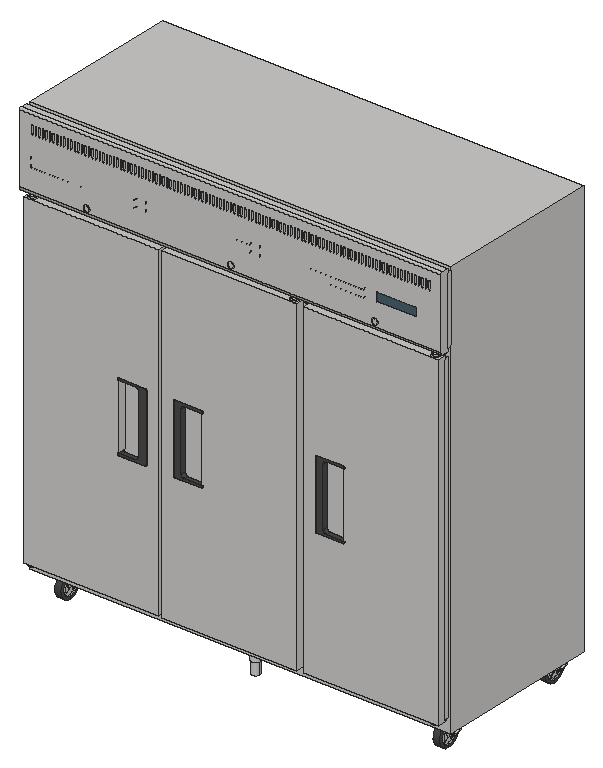
Revit family "QF_EVEREST_ES_3_cat", category Specialty Equipment, Revit 2015 (continued)
Automatic sketch dimensions
  Extrusion 4 to Extrusion 22 sketch curve = 1237.273 mm
  Extrusion 23 sketch curve to Extrusion 23 sketch curve = 0 mm  (x2)
  Extrusion 4 to Extrusion 23 sketch curve = 15 mm
  Extrusion 23 sketch curve to Extrusion 4 = 16 mm
  Extrusion 23 sketch curve to Extrusion 4 = 10.87 mm
  Extrusion 4 to Extrusion 23 sketch curve = 1216.278 mm
  Extrusion 23 sketch curve to Extrusion 23 sketch curve = 5.995 mm
  Extrusion 23 sketch curve to Extrusion 23 sketch curve = 15 mm
  Extrusion 23 sketch curve to Extrusion 23 sketch curve = 6.9 mm
  Extrusion 24 sketch curve to plane 5 "FRONT" = 19 mm
  plane 4 "RIGHT" to Extrusion 24 sketch curve = 40.995 mm
  Extrusion 25 sketch curve to Extrusion 25 sketch curve = 0 mm  (x2)
  Extrusion 25 sketch curve to plane 11 = 0 mm
  plane 4 "RIGHT" to Extrusion 25 sketch curve = 61.99 mm
  Extrusion 25 sketch curve to plane 5 "FRONT" = 19 mm
  Extrusion 25 sketch curve to Extrusion 25 sketch curve = 5.995 mm
  Extrusion 25 sketch curve to Extrusion 25 sketch curve = 15 mm
  Extrusion 25 sketch curve to plane 5 "FRONT" = 13.87 mm
  plane 4 "RIGHT" to Extrusion 25 sketch curve = 20 mm
  Extrusion 26 sketch curve to plane 9 = 0 mm  (x3)
  plane 3 "LEFT" to Extrusion 26 sketch curve = 12.992 mm
  Extrusion 26 sketch curve to Extrusion 26 sketch curve = 9.124 mm
  Extrusion 26 sketch curve to plane 5 "FRONT" = 3 mm  (x3)
  Extrusion 26 sketch curve to plane 7 "Center Y" = 328.277 mm
  Extrusion 26 sketch curve to Extrusion 26 sketch curve = 16.57 mm
  Extrusion 26 sketch curve to plane 5 "FRONT" = 16.694 mm  (x2)
  Extrusion 26 sketch curve to Extrusion 26 sketch curve = 599.607 mm  (x2)
  Extrusion 26 sketch curve to Extrusion 26 sketch curve = 31.268 mm
  Extrusion 27 sketch curve to Extrusion 7 = 0 mm  (x2)
  Extrusion 7 to Extrusion 27 sketch curve = 0.795 mm
  Extrusion 28 sketch curve to plane 7 "Center Y" = 0 mm
  Extrusion 28 sketch curve to plane 6 "TOP" = 302.996 mm  (x3)
  plane 3 "LEFT" to Extrusion 28 sketch curve = 300 mm
  plane 4 "RIGHT" to Extrusion 28 sketch curve = 300 mm
  Extrusion 15 sketch curve to Extrusion 2 = 19.134 mm  (x3)
  Extrusion 15 sketch curve to Extrusion 15 sketch curve = 13.25 mm  (x3)
  Extrusion 2 to Extrusion 15 sketch curve = 300 mm  (x2)
  Extrusion 15 sketch curve to Extrusion 15 sketch curve = 0 mm
  Extrusion 15 sketch curve to Extrusion 15 sketch curve = 650 mm
  Revolve 29 sketch curve to plane 10 = 0 mm  (x2)
  Revolve 29 sketch curve to level = 0 mm
  Revolve 29 sketch curve to plane 7 "Center Y" = 31.202 mm
  Revolve 29 sketch curve to Revolve 29 sketch curve = 5 mm
  Revolve 29 sketch curve to plane 7 "Center Y" = 17.202 mm
  Revolve 29 sketch curve to plane 7 "Center Y" = 13.452 mm
  plane 7 "Center Y" to Revolve 29 sketch curve = 3.798 mm
  level to Revolve 29 sketch curve = 55.5 mm
  Revolve 29 sketch curve to plane 10 = 34.5 mm
  Revolve 29 sketch curve to Revolve 29 sketch curve = 14 mm
  Revolve 29 sketch curve to plane 10 = 10 mm
  Revolve 29 sketch curve to Revolve 29 sketch curve = 0 mm
  Revolve 29 sketch curve to Revolve 29 sketch curve = 20 mm
  radius of Extrusion 8 sketch curve = 10 mm
  radius of Extrusion 9 sketch curve = 10 mm
  radius of Extrusion 10 sketch curve = 10 mm
  radius of Extrusion 11 sketch curve = 10 mm
  radius of Extrusion 14 sketch curve = 6.35 mm
  radius of Extrusion 18 sketch curve = 10 mm
  radius of Extrusion 19 sketch curve = 10 mm
  radius of Extrusion 20 sketch curve = 10 mm
  radius of Extrusion 21 sketch curve = 10 mm
  radius of Extrusion 22 sketch curve = 10 mm
  radius of Extrusion 23 sketch curve = 10 mm
  radius of Extrusion 24 sketch curve = 10 mm
  radius of Extrusion 25 sketch curve = 10 mm
  radius of Extrusion 27 sketch curve to Extrusion 7 = 0 mm  (x3)
  radius of Extrusion 28 sketch curve = 13.25 mm  (x3)
Nested families
  nested 1: "5 INCHES 01_CASTER" at (96.503, -682.5, 0), type "5 INCHES 01_CASTER"
    with Type Mark "", Specification by User "", Show 5" Casters yes, Revision Code "", Key Locks yes, Item Number "", Installed By "", Identify Quantity as Lot yes, Furnished By "", Foodservice Equipment Identifier yes
  nested 2: "5 INCHES 01_CASTER" at (1803.497, -682.5, 0), type "5 INCHES 01_CASTER"
    with Type Mark "", Specification by User "", Show 5" Casters yes, Revision Code "", Key Locks yes, Item Number "", Installed By "", Identify Quantity as Lot yes, Furnished By "", Foodservice Equipment Identifier yes
  nested 3: "5 INCHES 01_CASTER" at (96.503, -86.049, 0), type "5 INCHES 01_CASTER"
    with Type Mark "", Specification by User "", Show 5" Casters yes, Revision Code "", Key Locks yes, Item Number "", Installed By "", Identify Quantity as Lot yes, Furnished By "", Foodservice Equipment Identifier yes
  nested 4: "5 INCHES 01_CASTER" at (1803.497, -86.049, 0), type "5 INCHES 01_CASTER"
    with Type Mark "", Specification by User "", Show 5" Casters yes, Revision Code "", Key Locks yes, Item Number "", Installed By "", Identify Quantity as Lot yes, Furnished By "", Foodservice Equipment Identifier yes
Connectors
  electrical at (1270, 10, 1740.052), driven by "Volts", driven by "Watts"
    settings: on Extrusion 14, index 2, voltage 115 V, apparent load 1278.8 VA, apparent load phase1 0 VA, apparent load phase2 0 VA, apparent load phase3 0 VA, power factor 1, load classification "Other", number of poles 1, system type 30, power factor state 1, is connector primary yes, connector utility no, sub classification motor no, connector description "ELECTRICAL CONNECTION"
Definition of nested family "5 INCHES 01_CASTER"
  Parameters (values of type "5 INCHES 01_CASTER")
    Weight = ""
    URL Manufacturer = ""
    URL Cutsheet = ""
    URL = ""
    Type Mark [instance] = ""
    Specification by User [instance] = ""
    Specification by Manufacturer = ""
    Show 5" Casters [instance] = yes
    Serial Number = ""
    Seismic Rating = ""
    SMACNA No = ""
    Revision Code [instance] = ""
    Omniclass Number and Title = ""
    NAFEM Spec ID Number = ""
    Model = ""
    MasterSpec. = ""
    Manufacturer = ""
    Key Locks [instance] = yes
    Item Number [instance] = ""
    Installed By [instance] = ""
    Identify Quantity as Lot [instance] = yes
    Furnished By [instance] = ""
    Foodservice Equipment Identifier [instance] = yes
    Description = ""
    CSI MasterFormat = ""
    CSI Master Format = ""
    Assembly Code = ""
  Reference planes
    plane 1: z = 0
    plane 2 "RIGHT": x = 0
    plane 3 "FRONT": y = 0
    plane 4 "TOP": z = 125
  Forms (mm)
    Revolve 1, solid, visible <- "Show 5" Casters"
      sketch origin (-49.224, 25.364, -25.504) x (1, 0, 0) y (0, 0, 1)
        loop
          line (18.81, 76.304) -> (18.81, 74.386) -> (20.08, 73.116) -> (21.604, 73.116) -> (21.604, 70.067) -> (31.369, 70.067) -> (31.369, 65.181) -> (34.939, 63.12) -> (37.88, 44.951) -> (34.131, 44.951) -> (34.131, 38.998) -> (34.925, 38.998) -> (34.925, 25.504) -> (63.103, 25.504) -> (63.103, 38.998) -> (63.897, 38.998) -> (63.897, 44.951) -> (60.148, 44.951) -> (63.103, 63.209) -> (66.659, 65.262) -> (66.659, 70.067) -> (77.218, 70.067) -> (77.218, 73.116) -> (78.742, 73.116) -> (80.012, 74.386) -> (80.012, 76.304) -> (18.81, 76.304)
        axis (18.81, 76.304) -> (80.012, 76.304)
      angle from 0 to 360
    Extrusion 2, solid, visible <- "Show 5" Casters"
      sketch origin (-49.224, 49.87, -19.154) x (0, 1, 0) y (0, 0, 1)
        loop
          line (-85.786, 135.49) -> (-85.786, 125.149) -> (-63.321, 125.149)
          arc (-63.321, 125.149) -> (-37.391, 124.905) -> (-11.779, 120.85) r 175.807
          arc (-11.779, 120.85) -> (3.607, 115.163) -> (17.14, 105.894) r 66.729
          line (17.14, 105.894) -> (20.005, 109.985)
          arc (20.005, 109.985) -> (12.217, 116.012) -> (3.375, 120.348) r 48.686
          line (3.375, 120.348) -> (5.384, 123.823)
          arc (5.384, 123.823) -> (-4.003, 127.534) -> (-13.953, 129.229) r 48.686
          line (-13.953, 129.229) -> (-13.953, 135.49) -> (-85.786, 135.49)
      from 29.809 to 68.639
    Revolve 3, solid, visible <- "Show 5" Casters"
      sketch origin (0, 54.748, -31.75) x (0, 1, 0) y (0, 0, 1)
        loop
          line (-56.335, 156.75) -> (-56.335, 148.085) -> (-26.871, 148.085) -> (-26.871, 156.75) -> (-56.335, 156.75)
        axis (-56.335, 148.085) -> (-56.335, 156.75)
      angle from 0 to 360
    Extrusion 4, solid, visible <- "Show 5" Casters"
      sketch origin (-50.414, 49.87, -19.154) x (0, 1, 0) y (0, 0, 1)
        loop
          line (-85.786, 135.49) -> (-85.786, 125.149) -> (-79.594, 125.149)
          arc (-79.594, 125.149) -> (-54.006, 99.703) -> (-39.582, 66.626) r 96.297
          arc (-39.582, 66.626) -> (-20.695, 54.419) -> (-8.07, 73.029) r 16.082
          arc (-8.07, 73.029) -> (-0.57, 93.403) -> (17.434, 105.537) r 35.307
          line (17.434, 105.537) -> (20.005, 109.985)
          arc (20.005, 109.985) -> (12.217, 116.012) -> (3.375, 120.348) r 48.686
          line (3.375, 120.348) -> (5.384, 123.823)
          arc (5.384, 123.823) -> (-4.003, 127.534) -> (-13.953, 129.229) r 48.686
          line (-13.953, 129.229) -> (-13.953, 135.49) -> (-85.786, 135.49)
      from 69.829 to 73.87
    Extrusion 5, solid, visible <- "Show 5" Casters"
      sketch origin (50.414, 49.87, -19.154) x (0, 1, 0) y (0, 0, -1)
        loop
          line (-85.786, -135.49) -> (-13.953, -135.49) -> (-13.953, -129.229)
          arc (-13.953, -129.229) -> (-4.003, -127.534) -> (5.384, -123.823) r 48.686
          line (5.384, -123.823) -> (3.375, -120.348)
          arc (3.375, -120.348) -> (12.217, -116.012) -> (20.005, -109.985) r 48.686
          line (20.005, -109.985) -> (17.434, -105.537)
          arc (17.434, -105.537) -> (-0.57, -93.403) -> (-8.07, -73.029) r 35.307
          arc (-8.07, -73.029) -> (-20.695, -54.419) -> (-39.582, -66.626) r 16.082
          arc (-39.582, -66.626) -> (-54.006, -99.703) -> (-79.594, -125.149) r 96.297
          line (-79.594, -125.149) -> (-85.786, -125.149) -> (-85.786, -135.49)
      from 69.829 to 73.87
    Extrusion 6, solid, visible <- "Key Locks"
      sketch origin (-24.606, 52.001, -14.628) x (0, 1, 0) y (0, 0, -1)
        loop
          line (-65.658, -51.806) -> (-48.06, -61.966) -> (-38.931, -67.237)
          arc (-38.931, -67.237) -> (-36.934, -70.238) -> (-35.227, -73.414) r 38.511
          arc (-35.227, -73.414) -> (-28.855, -79.511) -> (-20.232, -81.358) r 16.169
          arc (-20.232, -81.358) -> (-17.043, -81.321) -> (-13.877, -81.702) r 24.356
          line (-13.877, -81.702) -> (5.921, -93.132) -> (10.917, -84.478)
          arc (10.917, -84.478) -> (11.804, -78.832) -> (8.674, -74.049) r 7.95
          line (8.674, -74.049) -> (5.356, -77.367)
          arc (5.356, -77.367) -> (6.116, -79.837) -> (3.628, -80.537) r 1.806
          line (3.628, -80.537) -> (-13.41, -70.697)
          arc (-13.41, -70.697) -> (-15.803, -63.781) -> (-9.299, -60.428) r 5.588
          arc (-9.299, -60.428) -> (-8.725, -59.868) -> (-8.601, -59.076) r 1.27
          arc (-8.601, -59.076) -> (-12.712, -53.586) -> (-19.178, -51.298) r 11.834
          line (-19.178, -51.298) -> (-37.992, -51.298)
          arc (-37.992, -51.298) -> (-40.049, -51.027) -> (-41.967, -50.233) r 7.95
          line (-41.967, -50.233) -> (-52.169, -44.343)
          arc (-52.169, -44.343) -> (-58.202, -43.549) -> (-63.029, -47.253) r 7.95
          line (-63.029, -47.253) -> (-65.658, -51.806)
      from 0 to 1.588
    Extrusion 7, solid, visible <- "Key Locks"
      sketch origin (-24.606, 52.001, -14.628) x (0, 1, 0) y (0, 0, -1)
        loop
          line (-11.606, -67.574) -> (11.954, -81.173)
          arc (11.954, -81.173) -> (11.253, -77.179) -> (8.674, -74.049) r 7.95
          line (8.674, -74.049) -> (-9.311, -64.367)
          arc (-9.311, -64.367) -> (-12.227, -64.705) -> (-11.606, -67.574) r 1.981
      from 0 to 12.7
    Extrusion 8, solid, visible <- "Key Locks"
      sketch origin (24.606, 52.001, -14.628) x (0, 1, 0) y (0, 0, 1)
        loop
          line (-65.658, 51.806) -> (-63.029, 47.253)
          arc (-63.029, 47.253) -> (-58.202, 43.549) -> (-52.169, 44.343) r 7.95
          line (-52.169, 44.343) -> (-41.967, 50.233)
          arc (-41.967, 50.233) -> (-40.049, 51.027) -> (-37.992, 51.298) r 7.95
          line (-37.992, 51.298) -> (-19.178, 51.298)
          arc (-19.178, 51.298) -> (-12.712, 53.586) -> (-8.601, 59.076) r 11.834
          arc (-8.601, 59.076) -> (-8.725, 59.868) -> (-9.299, 60.428) r 1.27
          arc (-9.299, 60.428) -> (-15.803, 63.781) -> (-13.41, 70.697) r 5.588
          line (-13.41, 70.697) -> (3.628, 80.537)
          arc (3.628, 80.537) -> (6.116, 79.837) -> (5.356, 77.367) r 1.806
          line (5.356, 77.367) -> (8.674, 74.049)
          arc (8.674, 74.049) -> (11.804, 78.832) -> (10.917, 84.478) r 7.95
          line (10.917, 84.478) -> (5.921, 93.132) -> (-13.877, 81.702)
          arc (-13.877, 81.702) -> (-17.043, 81.321) -> (-20.232, 81.358) r 24.356
          arc (-20.232, 81.358) -> (-28.855, 79.511) -> (-35.227, 73.414) r 16.169
          arc (-35.227, 73.414) -> (-36.934, 70.238) -> (-38.931, 67.237) r 38.511
          line (-38.931, 67.237) -> (-48.06, 61.966) -> (-65.658, 51.806)
      from 0 to 1.588
    Extrusion 9, solid, visible <- "Key Locks"
      sketch origin (24.606, 52.001, -14.628) x (0, 1, 0) y (0, 0, 1)
        loop
          arc (-11.606, 67.574) -> (-12.227, 64.705) -> (-9.311, 64.367) r 1.981
          line (-9.311, 64.367) -> (8.674, 74.049)
          arc (8.674, 74.049) -> (11.253, 77.179) -> (11.954, 81.173) r 7.95
          line (11.954, 81.173) -> (-11.606, 67.574)
      from 0 to 12.7
  Cuts and joins
    joined: Extrusion 2, Extrusion 4, Extrusion 5
  Lines and regions (mm)
    symbolic lines, visible <- "Show 5" Casters"
      curve 1: line (13.783, 56.222, 0) -> (38.186, 42.133, 0)
      curve 2: line (-37.017, -31.766, 0) -> (-17.967, 1.23, 0)
      curve 3: line (-12.614, -45.855, 0) -> (-37.017, -31.766, 0)
      curve 4: line (38.186, 42.133, 0) -> (19.136, 9.138, 0)
      curve 5: line (-5.267, 23.227, 0) -> (13.783, 56.222, 0)
      curve 6: line (6.436, -12.859, 0) -> (-12.614, -45.855, 0)
  Dimensions and locks
    plane 4 "TOP" to level = 125 mm  (x2)
    aligned and locked: level to plane 1
Types (2, lengths in mm): name | Weight in Pounds | Watts | Refrigerant Type | Model | HP | FL Amps | Electrical Remarks | Description | Conn Plug | BTUH
  ESF3_115/60/1 | 661 | 1421.4 W | "R-404A / R290" | "ESF3" | "1/2 (x2)" | 12.36 A | "HAS (X2) 1/2 HP COMPRESSORS. BTUH IS CALCULATED FOR (2) COMPRESSORS. COMES IN R-404A AND R290 REFRIGERANT VARIANTS." | "UPRIGHT REACH–IN FREEZER" | "NEMA 5-20P" | 6870.0 Btu/h
  ESR3_115/60/1 | 576 | 1278.8 W | "R290" | "ESR3" | "3/4" | 11.12 A | "" | "UPRIGHT REACH–IN REFRIGERATOR" | "NEMA 5-15P" | 4445.0 Btu/h
